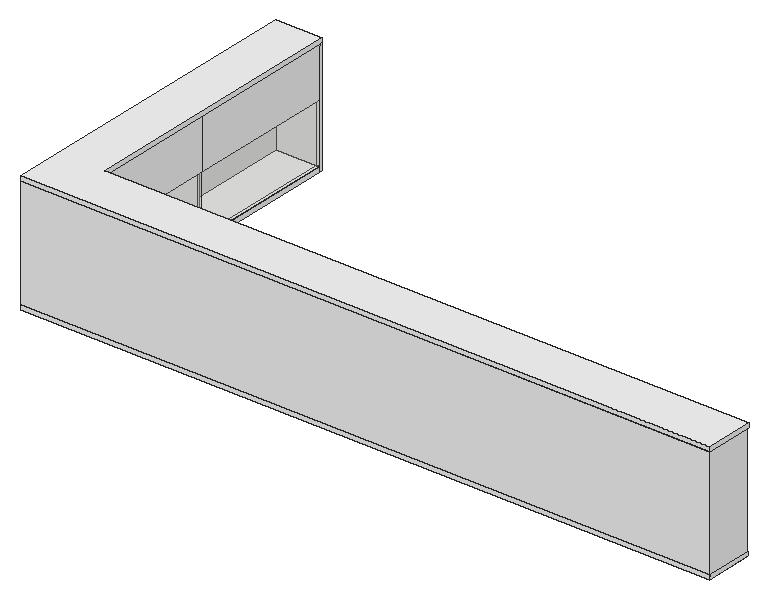
Revit family "가구_주방 윗선반", category 일반 모델, Revit 2026
Family settings
  보강 철근 호스트 가능 = 아니오
  원형 커넥터 치수 = 지름 사용
  부품 유형 = 보통
  작업 기준면 기반 = 아니오
  항상 수직 = 예
  로드될 때 보이드를 사용하여 절단 = 아니오
  주석 방향 유지 = 아니오
  공유 = 아니오
  룸 계산 점 = 아니오
Parameters (values of type "주방 윗선반")
  Assembly Code = ""
  Default Elevation = 0 mm
  Width = 600 mm
  Material of Wardrobe = Wardrobe Material
  Wardrobe Height = 2100 mm
  Loft Storage Height = 825 mm
  Length = 1200 mm
  Material of Handle = Handle Material
Reference planes
  plane 1 "Center (Front/Back)": y = 523.854
  plane 2: z = 0
  plane 3 "Center (Left/Right)": x = -3010.432
  plane 4: x = -3610.432
  plane 5: x = -2410.432
  plane 6: y = 823.854
  plane 7: y = 223.854
  plane 8: z = 2100
  plane 9: z = 2925
  plane 10: z = 3000
Forms (mm)
  Extrusion 1, solid, material "지정칼라H/G도장마감"
    sketch origin (175.487, -825.903, 2353.14) x (1, 0, 0) y (0, 1, 0)
      loop
        line (-7243.739, 1971.554) -> (-2443.739, 1971.554) -> (-2443.739, 2304.757) -> (-6923.739, 2304.757) -> (-6923.739, 4191.502) -> (-7243.739, 4191.502) -> (-7243.739, 2313) -> (-7243.739, 1971.554)
    from 40 to 10
  Extrusion 2, solid, material "지정칼라H/G도장마감"
    sketch origin (187.18, -25, 2183.14) x (1, 0, 0) y (0, 1, 0)
      loop
        line (-6949.219, 1478.854) -> (-6129.219, 1478.854) -> (-6129.219, 1503.854) -> (-6949.219, 1503.854) -> (-6949.219, 1478.854)
    from -170 to 180
  Extrusion 3, solid, material "지정칼라H/G도장마감"
    sketch origin (1012.18, -25, 2183.14) x (1, 0, 0) y (0, 1, 0)
      loop
        line (-6949.219, 1478.854) -> (-6129.219, 1478.854) -> (-6129.219, 1503.854) -> (-6949.219, 1503.854) -> (-6949.219, 1478.854)
    from -170 to 180
  Extrusion 4, solid, material "지정칼라H/G도장마감"
    sketch origin (1837.18, -25, 2183.14) x (1, 0, 0) y (0, 1, 0)
      loop
        line (-6949.219, 1478.854) -> (-6129.219, 1478.854) -> (-6129.219, 1503.854) -> (-6949.219, 1503.854) -> (-6949.219, 1478.854)
    from -170 to 180
  Extrusion 5, solid, material "지정칼라H/G도장마감"
    sketch origin (2667.18, -25, 2183.14) x (1, 0, 0) y (0, 1, 0)
      loop
        line (-6949.219, 1478.854) -> (-6059.219, 1478.854) -> (-6059.219, 1503.854) -> (-6949.219, 1503.854) -> (-6949.219, 1478.854)
    from -170 to 180
  Extrusion 6, solid, material "지정칼라H/G도장마감"
    sketch origin (3562.18, -25, 2183.14) x (1, 0, 0) y (0, 1, 0)
      loop
        line (-6949.219, 1478.854) -> (-5841.594, 1478.854) -> (-5841.594, 1503.854) -> (-6949.219, 1503.854) -> (-6949.219, 1478.854)
    from -170 to 180
  Extrusion 7, solid, material "주방유리"
    sketch origin (187.18, -25, 1593.14) x (1, 0, 0) y (0, 1, 0)
      loop
        line (-6949.219, 1478.854) -> (-6129.219, 1478.854) -> (-6129.219, 1503.854) -> (-6949.219, 1503.854) -> (-6949.219, 1478.854)
    from 0 to 420
  Extrusion 8, solid, material "주방유리"
    sketch origin (1012.18, -25, 1593.14) x (1, 0, 0) y (0, 1, 0)
      loop
        line (-6949.219, 1478.854) -> (-6129.219, 1478.854) -> (-6129.219, 1503.854) -> (-6949.219, 1503.854) -> (-6949.219, 1478.854)
    from 0 to 420
  Extrusion 9, solid, material "주방유리"
    sketch origin (1837.18, -25, 1593.14) x (1, 0, 0) y (0, 1, 0)
      loop
        line (-6949.219, 1478.854) -> (-6129.219, 1478.854) -> (-6129.219, 1503.854) -> (-6949.219, 1503.854) -> (-6949.219, 1478.854)
    from 0 to 420
  Extrusion 10, solid, material "지정칼라H/G도장마감"
    sketch origin (2667.18, -25, 1593.14) x (1, 0, 0) y (0, 1, 0)
      loop
        line (-6949.219, 1478.854) -> (-6059.219, 1478.854) -> (-6059.219, 1503.854) -> (-6949.219, 1503.854) -> (-6949.219, 1478.854)
    from 0 to 420
  Extrusion 11, solid, material "주방유리"
    sketch origin (3562.18, -25, 1593.14) x (1, 0, 0) y (0, 1, 0)
      loop
        line (-6949.219, 1478.854) -> (-5841.594, 1478.854) -> (-5841.594, 1503.854) -> (-6949.219, 1503.854) -> (-6949.219, 1478.854)
    from 0 to 420
  Extrusion 12, solid, material "지정칼라H/G도장마감"
    sketch origin (62.394, -12.5, 1563.14) x (1, 0, 0) y (0, 1, 0)
      loop
        line (-7120.646, 1168.151) -> (-7120.646, 3367.883) -> (-6810.646, 3367.883) -> (-6810.646, 3378.099) -> (-7130.646, 3378.099) -> (-7130.646, 1158.151) -> (-2330.646, 1158.151) -> (-2330.646, 1478.854) -> (-2341.807, 1478.854) -> (-2341.807, 1168.151) -> (-7120.646, 1168.151)
    from 0 to 800
  Extrusion 13, solid, material "지정칼라H/G도장마감"
    sketch origin (175.487, -834.146, 1553.14) x (1, 0, 0) y (0, 1, 0)
      loop
        line (-7243.739, 1979.797) -> (-2443.739, 1979.797) -> (-2443.739, 2313) -> (-6923.739, 2313) -> (-6923.739, 4199.745) -> (-7243.739, 4199.745) -> (-7243.739, 2313) -> (-7243.739, 1979.797)
    from 40 to 10
  Extrusion 14, solid, material "지정칼라H/G도장마감"
    sketch origin (-8252.106, -3800.365, 2183.14) x (0, -1, 0) y (1, 0, 0)
      loop
        line (-7154.88, 1478.854) -> (-6129.219, 1478.854) -> (-6129.219, 1503.854) -> (-7154.88, 1503.854) -> (-7154.88, 1478.854)
    from -170 to 180
  Extrusion 15, solid, material "지정칼라H/G도장마감"
    sketch origin (-8252.106, -4625.365, 2183.14) x (0, -1, 0) y (1, 0, 0)
      loop
        line (-6949.219, 1478.854) -> (-6104.219, 1478.854) -> (-6104.219, 1503.854) -> (-6949.219, 1503.854) -> (-6949.219, 1478.854)
    from -170 to 180
  Extrusion 16, solid, material "주방유리"
    sketch origin (-8252.106, -3800.365, 1593.14) x (0, -1, 0) y (1, 0, 0)
      loop
        line (-7154.88, 1478.854) -> (-6129.219, 1478.854) -> (-6129.219, 1503.854) -> (-7154.88, 1503.854) -> (-7154.88, 1478.854)
    from 0 to 420
  Extrusion 17, solid, material "주방유리"
    sketch origin (-8252.106, -4625.365, 1593.14) x (0, -1, 0) y (1, 0, 0)
      loop
        line (-6949.219, 1478.854) -> (-6104.219, 1478.854) -> (-6104.219, 1503.854) -> (-6949.219, 1503.854) -> (-6949.219, 1478.854)
    from 0 to 420
  Extrusion 18, solid, material "지정칼라H/G도장마감"
    sketch origin (62.394, -1248.243, 1593.14) x (1, 0, 0) y (0, 1, 0)
      loop
        line (-7120.646, 3567.097) -> (-6835.646, 3567.097) -> (-6835.646, 3577.312) -> (-7120.646, 3577.312) -> (-7120.646, 3567.097)
    from 0 to 770
  Extrusion 19, solid, material "지정칼라H/G도장마감"
    sketch origin (-2365.94, 8289.5, 1593.14) x (0, 1, 0) y (-1, 0, 0)
      loop
        line (-7120.646, 3567.097) -> (-6835.646, 3567.097) -> (-6835.646, 3577.312) -> (-7120.646, 3577.312) -> (-7120.646, 3567.097)
    from 0 to 770
  Extrusion 20, solid, material "지정칼라H/G도장마감"
    sketch origin (-1540.94, 8289.5, 1593.14) x (0, 1, 0) y (-1, 0, 0)
      loop
        line (-7120.646, 3567.097) -> (-6835.646, 3567.097) -> (-6835.646, 3577.312) -> (-7120.646, 3577.312) -> (-7120.646, 3567.097)
    from 0 to 770
  Extrusion 21, solid, material "지정칼라H/G도장마감"
    sketch origin (-716.155, 8289.5, 1593.14) x (0, 1, 0) y (-1, 0, 0)
      loop
        line (-7120.646, 3562.097) -> (-6835.646, 3562.097) -> (-6835.646, 3577.312) -> (-7120.646, 3577.312) -> (-7120.646, 3562.097)
    from 0 to 770
  Extrusion 22, solid, material "지정칼라H/G도장마감"
    sketch origin (178.845, 8289.5, 1593.14) x (0, 1, 0) y (-1, 0, 0)
      loop
        line (-7120.646, 3562.097) -> (-6835.646, 3562.097) -> (-6835.646, 3577.312) -> (-7120.646, 3577.312) -> (-7120.646, 3562.097)
    from 0 to 770
Dimensions and locks
  equal spacing: plane 4, plane 3 "Center (Left/Right)", plane 5
  "Length": plane 4 to plane 5
  equal spacing: plane 7, plane 1 "Center (Front/Back)", plane 6
  "Width": plane 7 to plane 6
  "Wardrobe Height": plane 8 to level
  locked: plane 10 to plane 9 at 75
  "Loft Storage Height": plane 9 to plane 8
  plane 10 to level = 3000 mm
  Extrusion 6 to Extrusion 1 = 0 mm
  aligned: Extrusion 12 to Extrusion 13
Automatic sketch dimensions
  Extrusion 1 sketch curve to plane 6 = 321.797 mm
  Extrusion 1 sketch curve to plane 4 = 3457.82 mm
  Extrusion 1 sketch curve to Extrusion 1 sketch curve = 320 mm
  plane 5 to Extrusion 1 sketch curve = 142.18 mm
  Extrusion 1 sketch curve to Extrusion 1 sketch curve = 333.203 mm
  Extrusion 1 sketch curve to Extrusion 1 sketch curve = 8.243 mm
  Extrusion 1 sketch curve to Extrusion 1 sketch curve = 1878.502 mm
  Extrusion 2 sketch curve to plane 6 = 655 mm
  Extrusion 2 sketch curve to plane 4 = 3151.607 mm
  Extrusion 2 sketch curve to Extrusion 2 sketch curve = 820 mm
  Extrusion 2 sketch curve to Extrusion 2 sketch curve = 25 mm
  Extrusion 3 sketch curve to plane 6 = 655 mm
  Extrusion 3 sketch curve to plane 4 = 2326.607 mm
  Extrusion 3 sketch curve to Extrusion 3 sketch curve = 820 mm
  Extrusion 3 sketch curve to Extrusion 3 sketch curve = 25 mm
  Extrusion 4 sketch curve to plane 6 = 655 mm
  Extrusion 4 sketch curve to plane 4 = 1501.607 mm
  Extrusion 4 sketch curve to plane 4 = 681.607 mm
  Extrusion 4 sketch curve to Extrusion 4 sketch curve = 25 mm
  Extrusion 5 sketch curve to plane 4 = 671.607 mm
  plane 4 to Extrusion 5 sketch curve = 218.393 mm
  Extrusion 5 sketch curve to plane 6 = 630 mm
  Extrusion 5 sketch curve to Extrusion 5 sketch curve = 25 mm
  plane 4 to Extrusion 6 sketch curve = 223.393 mm
  plane 5 to Extrusion 6 sketch curve = 131.019 mm
  Extrusion 6 sketch curve to plane 6 = 630 mm
  Extrusion 6 sketch curve to Extrusion 6 sketch curve = 25 mm
  Extrusion 7 sketch curve to plane 6 = 655 mm
  Extrusion 7 sketch curve to plane 4 = 3151.607 mm
  Extrusion 7 sketch curve to Extrusion 7 sketch curve = 820 mm
  Extrusion 7 sketch curve to Extrusion 7 sketch curve = 25 mm
  Extrusion 8 sketch curve to plane 6 = 655 mm
  Extrusion 8 sketch curve to plane 4 = 2326.607 mm
  Extrusion 8 sketch curve to Extrusion 8 sketch curve = 820 mm
  Extrusion 8 sketch curve to Extrusion 8 sketch curve = 25 mm
  Extrusion 9 sketch curve to plane 6 = 655 mm
  Extrusion 9 sketch curve to plane 4 = 1501.607 mm
  Extrusion 9 sketch curve to plane 4 = 681.607 mm
  Extrusion 9 sketch curve to Extrusion 9 sketch curve = 25 mm
  Extrusion 10 sketch curve to plane 4 = 671.607 mm
  plane 4 to Extrusion 10 sketch curve = 218.393 mm
  Extrusion 10 sketch curve to plane 6 = 630 mm
  Extrusion 10 sketch curve to Extrusion 10 sketch curve = 25 mm
  plane 4 to Extrusion 11 sketch curve = 223.393 mm
  plane 5 to Extrusion 11 sketch curve = 131.019 mm
  Extrusion 11 sketch curve to plane 6 = 630 mm
  Extrusion 11 sketch curve to Extrusion 11 sketch curve = 25 mm
  Extrusion 13 sketch curve to plane 6 = 321.797 mm
  Extrusion 13 sketch curve to plane 4 = 3457.82 mm
  Extrusion 13 sketch curve to Extrusion 13 sketch curve = 320 mm
  plane 5 to Extrusion 13 sketch curve = 142.18 mm
  Extrusion 13 sketch curve to Extrusion 13 sketch curve = 333.203 mm
  Extrusion 13 sketch curve to Extrusion 13 sketch curve = 0 mm
  Extrusion 13 sketch curve to Extrusion 13 sketch curve = 1886.745 mm
  Extrusion 14 sketch curve to plane 6 = 2530.661 mm
  Extrusion 14 sketch curve to Extrusion 14 sketch curve = 1025.661 mm
  Extrusion 14 sketch curve to plane 4 = 3162.82 mm
  Extrusion 14 sketch curve to Extrusion 14 sketch curve = 25 mm
  Extrusion 15 sketch curve to plane 6 = 1500 mm
  Extrusion 15 sketch curve to plane 6 = 655 mm
  Extrusion 15 sketch curve to plane 4 = 3162.82 mm
  Extrusion 15 sketch curve to Extrusion 15 sketch curve = 25 mm
  Extrusion 16 sketch curve to plane 6 = 2530.661 mm
  Extrusion 16 sketch curve to Extrusion 16 sketch curve = 1025.661 mm
  Extrusion 16 sketch curve to plane 4 = 3162.82 mm
  Extrusion 16 sketch curve to Extrusion 16 sketch curve = 25 mm
  Extrusion 17 sketch curve to plane 6 = 1500 mm
  Extrusion 17 sketch curve to plane 6 = 655 mm
  Extrusion 17 sketch curve to plane 4 = 3162.82 mm
  Extrusion 17 sketch curve to Extrusion 17 sketch curve = 25 mm
  Extrusion 18 sketch curve to plane 6 = 1505.215 mm
  Extrusion 18 sketch curve to plane 4 = 3447.82 mm
  Extrusion 18 sketch curve to Extrusion 18 sketch curve = 285 mm
  Extrusion 18 sketch curve to Extrusion 18 sketch curve = 10.215 mm
  Extrusion 19 sketch curve to plane 6 = 345 mm
  Extrusion 19 sketch curve to Extrusion 19 sketch curve = 285 mm
  Extrusion 19 sketch curve to plane 4 = 2322.604 mm
  Extrusion 19 sketch curve to Extrusion 19 sketch curve = 10.215 mm
  Extrusion 20 sketch curve to plane 6 = 345 mm
  Extrusion 20 sketch curve to Extrusion 20 sketch curve = 285 mm
  Extrusion 20 sketch curve to plane 4 = 1497.604 mm
  Extrusion 20 sketch curve to Extrusion 20 sketch curve = 10.215 mm
  Extrusion 21 sketch curve to plane 6 = 345 mm
  Extrusion 21 sketch curve to Extrusion 21 sketch curve = 285 mm
  Extrusion 21 sketch curve to plane 4 = 667.82 mm
  Extrusion 21 sketch curve to Extrusion 21 sketch curve = 15.215 mm
  Extrusion 22 sketch curve to plane 6 = 345 mm
  Extrusion 22 sketch curve to Extrusion 22 sketch curve = 285 mm
  plane 4 to Extrusion 22 sketch curve = 227.18 mm
  Extrusion 22 sketch curve to Extrusion 22 sketch curve = 15.215 mm
  Extrusion 12 sketch curve to plane 4 = 3457.82 mm
  Extrusion 12 sketch curve to Extrusion 12 sketch curve = 10 mm  (x2)
  Extrusion 12 sketch curve to Extrusion 12 sketch curve = 310 mm
  plane 5 to Extrusion 12 sketch curve = 131.019 mm
  Extrusion 12 sketch curve to Extrusion 12 sketch curve = 11.162 mm
  Extrusion 12 sketch curve to plane 6 = 321.797 mm
  Extrusion 12 sketch curve to Extrusion 12 sketch curve = 310.703 mm
  Extrusion 12 sketch curve to Extrusion 12 sketch curve = 2199.732 mm
  Extrusion 12 sketch curve to Extrusion 12 sketch curve = 10.215 mm
